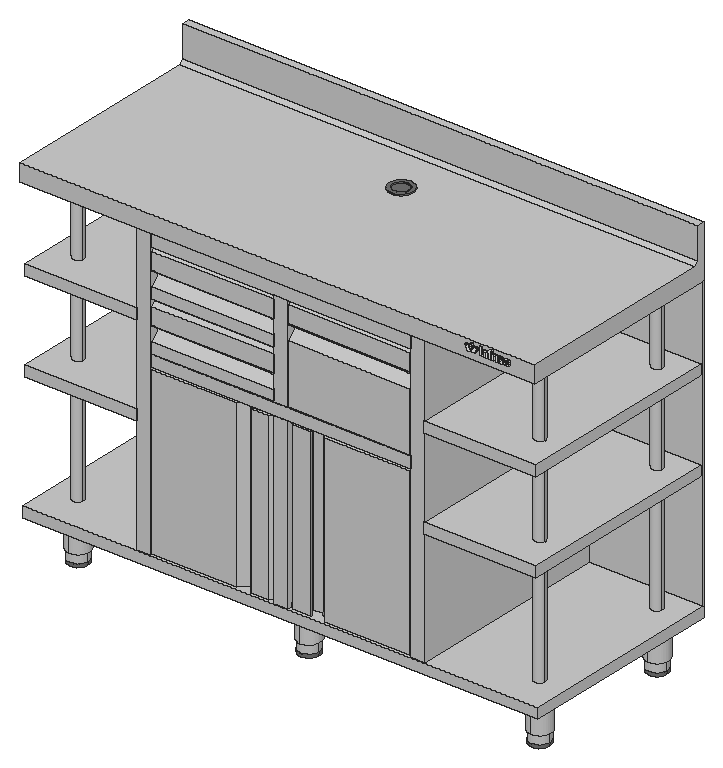
Revit family "QF_INFRICO_MCAF1500_250818093014", category Specialty Equipment, Revit 2021
Family settings
  Round Connector Dimension = Use Diameter
  Part Type = Normal
  OmniClass Number = 23.40.40.14
  OmniClass Title = Food Service Equipment
  Work Plane-Based = No
  Always vertical = Yes
  Cut with Voids When Loaded = No
  Shared = No
  Room Calculation Point = No
Parameters (values of type "MCAF1500")
  Weight [instance] = 85.00 kg
  Warranty Start Date [instance] = ""
  Warranty Duration [instance] = ""
  URL Recommended Spares List [instance] = ""
  URL Manufacturer [instance] = ""
  URL Cutsheet [instance] = ""
  URL Critical Spares List [instance] = ""
  URL = "www.infrico.com"
  Technical Documentation [instance] = ""
  Tag Number [instance] = ""
  Status [instance] = ""
  Specification by User [instance] = ""
  Specification by Manufacturer [instance] = ""
  Sound Level [instance] = ""
  Show Logo [instance] = yes
  Show Clearances [instance] = yes
  Service Life Duration [instance] = ""
  Serial Number [instance] = ""
  Seismic Rating [instance] = ""
  SMACNA No [instance] = ""
  Revision Code [instance] = ""
  Revision [instance] = ""
  Production Year [instance] = ""
  Point Load [instance] = 0
  Other Equipment Approvals [instance] = ""
  NAFEM Spec ID Number [instance] = ""
  Model Warning [instance] = ""
  Model = "MCAF1500"
  Masterspec [instance] = ""
  Manufacturer = "INFRICO"
  Length Actual [instance] = 1468 mm
  Item Number [instance] = ""
  Installed By [instance] = ""
  Installation Date [instance] = ""
  Identify Quantity as Lot [instance] = no
  ID [instance] = ""
  Hygiene Approval [instance] = ""
  Height Actual [instance] = 1050 mm
  Furnished By [instance] = ""
  Foodservice Equipment Identifier [instance] = no
  ETL Approved [instance] = no
  Description = "COFFEE UNIT - MCAF SERIES"
  Depth Actual [instance] = 600 mm
  Default Elevation = 0 mm
  Cost = 0
  CSI MasterFormat [instance] = ""
  CE Approved [instance] = no
  Barcode [instance] = 0
  Author [instance] = ""
  Asset Identifier [instance] = ""
  Accessory [instance] = no
Reference planes
  plane 1 "Center (Front/Back)": y = 0
  plane 2: z = 0
  plane 3 "Center (Left/Right)": x = 0
Dimensions and locks
  aligned and locked: level to plane 2
Nested families
  nested 1: "QF_INFRICO_MCAF1500_2920" at (0, 0, 0), type "MCAF1500"
    with Weight 85.00 kg, Warranty Start Date "", Warranty Duration "", URL Cutsheet "", Technical Documentation "", Tag Number "", Status "", Specification by User "", Specification by Manufacturer "", Sound Level "", Solid Fuel Type "", Show Logo yes, Show Clearances yes, Show Clearance yes, Service Life Duration "", Serial Number "", Seismic Rating "", SMACNA No "", Revision Code "", Revision "", Production Year "", Point Load 0, Other Equipment Approvals "", NAFEM Spec ID Number "", Model Warning "", Masterspec "", Length Actual 1468 mm, Item Number "", Installed By "", Installation Date "", Identify Quantity as Lot yes, ID "", Hygiene Approval "", Height Actual 1050 mm, Furnished By "", Foodservice Equipment Identifier yes, ETL Approved yes, Depth Actual 600 mm, CSI MasterFormat "", CE Approved no, Barcode "", Author "", Asset Identifier "", Accessory no
  nested 2: "QF_INFRICO_WORKTOP_MCAF_4042" at (0, 0, 990), type "ENC12CPMC15"
    with Weight 0.00 kg, Warranty Start Date "", Warranty Duration "", URL Cutsheet "", Technical Documentation "", Tag Number "", Status "", Specification by User "", Specification by Manufacturer "", Sound Level "", Solid Fuel Type "", Show Logo yes, Show Clearances yes, Show Clearance yes, Service Life Duration "", Serial Number "", Seismic Rating "", SMACNA No "", Revision Code "", Revision "", Production Year "", Point Load 0, Other Equipment Approvals "", NAFEM Spec ID Number "", Model Warning "", Masterspec "", Length Actual 1468 mm, Item Number "", Installed By "", Installation Date "", Identify Quantity as Lot yes, ID "", Hygiene Approval "", Height Actual 150 mm, Furnished By "", Foodservice Equipment Identifier yes, ETL Approved yes, Depth Actual 600 mm, CSI MasterFormat "", CE Approved no, Barcode "", Author "", Asset Identifier "", Accessory yes
Definition of nested family "QF_INFRICO_MCAF1500_2920"
  Parameters (values of type "MCAF1500")
    Weight [instance] = 0.00 kg
    Warranty Start Date [instance] = ""
    Warranty Duration [instance] = ""
    URL Cutsheet [instance] = ""
    URL = "www.infrico.com"
    Technical Documentation [instance] = ""
    Tag Number [instance] = ""
    Status [instance] = ""
    Specification by User [instance] = ""
    Specification by Manufacturer [instance] = ""
    Sound Level [instance] = ""
    Solid Fuel Type [instance] = ""
    Show Logo [instance] = yes
    Show Clearances [instance] = yes
    Show Clearance [instance] = yes
    Service Life Duration [instance] = ""
    Serial Number [instance] = ""
    Seismic Rating [instance] = ""
    SMACNA No [instance] = ""
    Revision Code [instance] = ""
    Revision [instance] = ""
    Production Year [instance] = ""
    Point Load [instance] = 0
    Other Equipment Approvals [instance] = ""
    NAFEM Spec ID Number [instance] = ""
    Model Warning [instance] = ""
    Model = "MCAF1500"
    Masterspec [instance] = ""
    Manufacturer = "INFRICO"
    Length Actual [instance] = 0 mm
    Item Number [instance] = ""
    Installed By [instance] = ""
    Installation Date [instance] = ""
    Identify Quantity as Lot [instance] = yes
    ID [instance] = ""
    Hygiene Approval [instance] = ""
    Height Actual [instance] = 0 mm
    Furnished By [instance] = ""
    Foodservice Equipment Identifier [instance] = yes
    ETL Approved [instance] = yes
    Description = "COFFEE UNIT - MCAF SERIES"
    Depth Actual [instance] = 0 mm
    Default Elevation = 0 mm
    CSI MasterFormat [instance] = ""
    CE Approved [instance] = yes
    Barcode [instance] = ""
    Author [instance] = ""
    Asset Identifier [instance] = ""
    Assembly Code = "E1090320"
    Accessory [instance] = yes
  Reference planes
    plane 1 "Back": y = 0
    plane 2: z = 0
    plane 3 "Left": x = 0
    plane 4 "Right": x = 1468
    plane 5 "Front": y = -600
    plane 6 "Top": z = 990
  Forms (mm)
    Extrusion 1, solid
      sketch origin (-1970.077, 406.333, 162.208) x (1, 0, 0) y (0, 1, 0)
        loop
          circle (2046.064, -477.342) r 15
      from -2.208 to 827.792
    Extrusion 2, solid
      sketch origin (-2000, 0, 130) x (0, 1, 0) y (0, 0, 1)
        loop
          line (0, 0) -> (0, 30) -> (-590.42, 30) -> (-590.42, 0) -> (0, 0)
      from 2000 to 3468
    Extrusion 3, solid
      sketch origin (-654.077, 406.333, 162.208) x (1, 0, 0) y (0, 1, 0)
        loop
          circle (2046.064, -477.342) r 15
      from -2.208 to 827.792
    Extrusion 4, solid
      sketch origin (-1970.077, -11.667, 162.208) x (1, 0, 0) y (0, 1, 0)
        loop
          circle (2046.064, -477.342) r 15
      from -2.208 to 827.792
    Extrusion 5, solid
      sketch origin (-654.077, -11.667, 162.208) x (1, 0, 0) y (0, 1, 0)
        loop
          circle (2046.064, -477.342) r 15
      from -2.208 to 827.792
    Extrusion 6, solid
      sketch origin (-2000.496, 0, 489.98) x (0, 1, 0) y (0, 0, 1)
        loop
          line (-1.18, 0) -> (-1.18, 30) -> (-590.42, 30) -> (-590.42, 0) -> (-1.18, 0)
      from 2005.497 to 2324.497
    Extrusion 7, solid
      sketch origin (-860.952, 0, 489.98) x (0, 1, 0) y (0, 0, 1)
        loop
          line (-1.18, 0) -> (-1.18, 30) -> (-590.42, 30) -> (-590.42, 0) -> (-1.18, 0)
      from 2004.977 to 2323.997
    Extrusion 8, solid
      sketch origin (-2000.496, 0, 747.98) x (0, 1, 0) y (0, 0, 1)
        loop
          line (-1.18, 0) -> (-1.18, 30) -> (-590.42, 30) -> (-590.42, 0) -> (-1.18, 0)
      from 2005.497 to 2324.497
    Extrusion 9, solid
      sketch origin (-860.952, 0, 747.98) x (0, 1, 0) y (0, 0, 1)
        loop
          line (-1.18, 0) -> (-1.18, 30) -> (-590.42, 30) -> (-590.42, 0) -> (-1.18, 0)
      from 2004.977 to 2323.997
    Extrusion 10, solid
      sketch origin (-4021.42, -1791.354, 306.976) x (0, 1, 0) y (0, 0, 1)
        loop
          line (1203.342, 629.226) -> (1203.342, 580.183)
          arc (1203.342, 580.183) -> (1205.032, 578.387) -> (1206.928, 579.964) r 1.8
          line (1206.928, 579.964) -> (1210.228, 606.836) -> (1214.91, 606.836) -> (1229.152, 592.594) -> (1229.152, 564.227) -> (1203.342, 538.417) -> (1203.342, 369.015) -> (1241.352, 369.015) -> (1241.352, 639.019) -> (1213.135, 639.019) -> (1203.342, 629.226)
      from 4776.423 to 5123.423
    Extrusion 11, solid
      sketch origin (-4409.82, -1791.354, 306.976) x (0, 1, 0) y (0, 0, 1)
        loop
          line (1203.342, 489.209) -> (1203.342, 440.167)
          arc (1203.342, 440.167) -> (1205.032, 438.37) -> (1206.928, 439.947) r 1.8
          line (1206.928, 439.947) -> (1210.228, 466.819) -> (1214.927, 466.819) -> (1229.152, 452.594) -> (1229.152, 424.21) -> (1203.342, 398.4) -> (1203.342, 369.015) -> (1241.352, 369.015) -> (1241.352, 499.019) -> (1213.152, 499.019) -> (1203.342, 489.209)
        loop
          line (1203.342, 629.226) -> (1203.342, 580.167)
          arc (1203.342, 580.167) -> (1205.032, 578.37) -> (1206.928, 579.947) r 1.8
          line (1206.928, 579.947) -> (1210.228, 606.819) -> (1214.927, 606.819) -> (1229.152, 592.594) -> (1229.152, 564.21) -> (1203.342, 538.4) -> (1203.342, 509.015) -> (1241.352, 509.015) -> (1241.352, 639.019) -> (1213.135, 639.019) -> (1203.342, 629.226)
      from 4775.843 to 5122.843
    Extrusion 12, solid
      sketch origin (0.5, 0.1, 129.6) x (1, 0, 0) y (0, 1, 0)
        loop
          line (713.523, -550.102) -> (713.523, -588.112) -> (753.503, -588.112) -> (753.503, -550.102) -> (741.503, -550.102) -> (741.503, -576.302) -> (725.523, -576.302) -> (725.523, -550.102) -> (713.523, -550.102)
      from 545.391 to 817.395
    Extrusion 13, solid
      sketch origin (0.5, 0.1, 129.6) x (1, 0, 0) y (0, 0, 1)
        loop
          line (363.501, 545.391) -> (363.501, 510.391) -> (1103.525, 510.391) -> (1103.525, 545.391) -> (363.501, 545.391)
      from 550.102 to 588.112
    Extrusion 14, solid
      sketch origin (0.5, 0.1, 436.604) x (1, 0, 0) y (0, 0, 1)
        loop
          line (363.501, 550.391) -> (363.501, 510.391) -> (1103.525, 510.391) -> (1103.525, 550.391) -> (363.501, 550.391)
      from 550.102 to 588.112
    Extrusion 15, solid
      sketch origin (324.001, 0, 130) x (0, 1, 0) y (0, 0, 1)
        loop
          line (-588.012, 30) -> (0, 30) -> (0, 860) -> (-588.012, 860) -> (-588.012, 30)
      from 0 to 40
    Extrusion 16, solid
      sketch origin (1104.025, 0, 130) x (0, 1, 0) y (0, 0, 1)
        loop
          line (-588.012, 30) -> (0, 30) -> (0, 860) -> (-588.012, 860) -> (-588.012, 30)
      from 0 to 40
    Extrusion 17, solid
      sketch origin (364.025, 0, 130) x (0, 1, 0) y (0, 0, 1)
        loop
          line (0, 30) -> (0, 130) -> (-2, 130) -> (-2, 30) -> (0, 30)
      from -0.024 to 740
    Extrusion 18, solid
      sketch origin (0, 0, 130) x (0, 1, 0) y (0, 0, 1)
        loop
          line (0, 30) -> (0, 860) -> (-2, 860) -> (-2, 30) -> (0, 30)
      from 0 to 324.001
    Extrusion 19, solid
      sketch origin (1144.499, 0, 130) x (0, 1, 0) y (0, 0, 1)
        loop
          line (0, 30) -> (0, 860) -> (-2, 860) -> (-2, 30) -> (0, 30)
      from -0.474 to 323.501
    Extrusion 20, solid
      sketch origin (0, 0, 129.6) x (0, 1, 0) y (0, 0, 1)
        loop
          line (-2, 545.391) -> (0, 545.391) -> (0, 860.4) -> (-2, 860.4) -> (-2, 545.391)
      from 364.001 to 1104.025
    Extrusion 21, solid
      sketch origin (-123.986, 92, 130) x (0, 1, 0) y (-1, 0, 0)
        loop
          line (-530, -154.986) -> (-630, -154.986) -> (-630, -244.986) -> (-530, -244.986) -> (-530, -154.986)
      from 0 to -3
    Extrusion 22, solid
      sketch origin (-123.986, 92, 0) x (1, 0, 0) y (0, 1, 0)
        loop
          circle (199.986, -580) r 28
      from 9 to 35
    Extrusion 23, solid
      sketch origin (-123.986, 92, 0) x (1, 0, 0) y (0, 1, 0)
        loop
          circle (199.986, -580) r 28.5
      from 0 to 9
    Sweep 24, solid
      path origin (-123.986, 92, 0) x (0, 1, 0) y (0, 0, 1)
        loop
          line (-580, 35) -> (-580, 127)
      profile origin (-123.986, -488, 81) x (0, -1, 0) y (1, 0, 0)
        loop
          circle (0, 199.986) r 32
    Extrusion 25, solid
      sketch origin (-123.986, 510, 130) x (0, 1, 0) y (-1, 0, 0)
        loop
          line (-530, -154.986) -> (-630, -154.986) -> (-630, -244.986) -> (-530, -244.986) -> (-530, -154.986)
      from 0 to -3
    Extrusion 26, solid
      sketch origin (-123.986, 510, 0) x (1, 0, 0) y (0, 1, 0)
        loop
          circle (199.986, -580) r 28
      from 9 to 35
    Extrusion 27, solid
      sketch origin (-123.986, 510, 0) x (1, 0, 0) y (0, 1, 0)
        loop
          circle (199.986, -580) r 28.5
      from 0 to 9
    Sweep 28, solid
      path origin (-123.986, 510, 0) x (0, 1, 0) y (0, 0, 1)
        loop
          line (-580, 35) -> (-580, 127)
      profile origin (-123.986, -70, 81) x (0, -1, 0) y (1, 0, 0)
        loop
          circle (0, 199.986) r 32
    Extrusion 29, solid
      sketch origin (1152.014, 92, 130) x (0, 1, 0) y (-1, 0, 0)
        loop
          line (-530, -194.986) -> (-630, -194.986) -> (-630, -284.986) -> (-530, -284.986) -> (-530, -194.986)
      from 0 to -3
    Extrusion 30, solid
      sketch origin (1152.014, 92, 0) x (1, 0, 0) y (0, 1, 0)
        loop
          circle (239.986, -580) r 28
      from 9 to 35
    Extrusion 31, solid
      sketch origin (1152.014, 92, 0) x (1, 0, 0) y (0, 1, 0)
        loop
          circle (239.986, -580) r 28.5
      from 0 to 9
    Sweep 32, solid
      path origin (1592.014, 92, 0) x (0, -1, 0) y (0, 0, 1)
        loop
          line (580, 35) -> (580, 127)
      profile origin (1592.014, -488, 81) x (0, 1, 0) y (-1, 0, 0)
        loop
          circle (0, 199.986) r 32
    Extrusion 33, solid
      sketch origin (1152.014, 510, 130) x (0, 1, 0) y (-1, 0, 0)
        loop
          line (-530, -194.986) -> (-630, -194.986) -> (-630, -284.986) -> (-530, -284.986) -> (-530, -194.986)
      from 0 to -3
    Extrusion 34, solid
      sketch origin (1152.014, 510, 0) x (1, 0, 0) y (0, 1, 0)
        loop
          circle (239.986, -580) r 28
      from 9 to 35
    Extrusion 35, solid
      sketch origin (1152.014, 510, 0) x (1, 0, 0) y (0, 1, 0)
        loop
          circle (239.986, -580) r 28.5
      from 0 to 9
    Sweep 36, solid
      path origin (1592.014, 10, 0) x (0, -1, 0) y (0, 0, 1)
        loop
          line (80, 35) -> (80, 127)
      profile origin (1592.014, -70, 81) x (0, 1, 0) y (-1, 0, 0)
        loop
          circle (0, 199.986) r 32
    Extrusion 37, solid
      sketch origin (534.028, 92, 130) x (0, 1, 0) y (-1, 0, 0)
        loop
          line (-530, -154.986) -> (-630, -154.986) -> (-630, -244.986) -> (-530, -244.986) -> (-530, -154.986)
      from 0 to -3
    Extrusion 38, solid
      sketch origin (534.028, 92, 0) x (1, 0, 0) y (0, 1, 0)
        loop
          circle (199.986, -580) r 28
      from 9 to 35
    Extrusion 39, solid
      sketch origin (534.028, 92, 0) x (1, 0, 0) y (0, 1, 0)
        loop
          circle (199.986, -580) r 28.5
      from 0 to 9
    Sweep 40, solid
      path origin (534.028, 92, 0) x (0, 1, 0) y (0, 0, 1)
        loop
          line (-580, 35) -> (-580, 127)
      profile origin (534.028, -488, 81) x (0, -1, 0) y (1, 0, 0)
        loop
          circle (0, 199.986) r 32
    Extrusion 41, solid
      sketch origin (534.028, 510, 130) x (0, 1, 0) y (-1, 0, 0)
        loop
          line (-530, -154.986) -> (-630, -154.986) -> (-630, -244.986) -> (-530, -244.986) -> (-530, -154.986)
      from 0 to -3
    Extrusion 42, solid
      sketch origin (534.028, 510, 0) x (1, 0, 0) y (0, 1, 0)
        loop
          circle (199.986, -580) r 28
      from 9 to 35
    Extrusion 43, solid
      sketch origin (534.028, 510, 0) x (1, 0, 0) y (0, 1, 0)
        loop
          circle (199.986, -580) r 28.5
      from 0 to 9
    Sweep 44, solid
      path origin (534.028, 510, 0) x (0, 1, 0) y (0, 0, 1)
        loop
          line (-580, 35) -> (-580, 127)
      profile origin (534.028, -70, 81) x (0, -1, 0) y (1, 0, 0)
        loop
          circle (0, 199.986) r 32
    Extrusion 45, solid
      sketch origin (0.5, 0.1, -177.004) x (1, 0, 0) y (0, 1, 0)
        loop
          line (713.523, -550.102) -> (713.523, -588.112) -> (753.503, -588.112) -> (753.503, -550.102) -> (741.503, -550.102) -> (741.503, -576.302) -> (725.523, -576.302) -> (725.523, -550.102) -> (713.523, -550.102)
      from 337.004 to 816.995
    Extrusion 46, solid
      sketch origin (-2000, -1999.892, 129.3) x (1, 0, 0) y (0, 1, 0)
        loop
          line (2649.583, 1411.88) -> (2700.005, 1411.88) -> (2710.015, 1421.89) -> (2710.015, 1449.89) -> (2367.015, 1449.89) -> (2367.015, 1411.88) -> (2608.712, 1411.88) -> (2634.927, 1438.094) -> (2663.311, 1438.094) -> (2677.536, 1423.869) -> (2677.536, 1419.171) -> (2649.117, 1415.681)
          arc (2649.117, 1415.681) -> (2647.668, 1413.574) -> (2649.583, 1411.88) r 1.929
      from 35.663 to 505.683
    Extrusion 47, solid
      sketch origin (3468.026, -1999.892, 129.3) x (-1, 0, 0) y (0, -1, 0)
        loop
          arc (2649.583, -1411.88) -> (2647.668, -1413.574) -> (2649.117, -1415.681) r 1.929
          line (2649.117, -1415.681) -> (2677.536, -1419.171) -> (2677.536, -1423.869) -> (2663.311, -1438.094) -> (2634.927, -1438.094) -> (2608.712, -1411.88) -> (2367.015, -1411.88) -> (2367.015, -1449.89) -> (2710.015, -1449.89) -> (2710.015, -1421.89) -> (2700.005, -1411.88) -> (2649.583, -1411.88)
      from 35.663 to 505.683
    Extrusion 48, solid, detail levels coarse
      sketch origin (0, 0.1, -0.7) x (1, 0, 0) y (0, 1, 0)
        loop
          line (367.015, -588.112) -> (367.015, -893.112) -> (405.015, -893.112)
          arc (405.015, -893.112) -> (620.683, -803.78) -> (710.015, -588.112) r 305
          line (710.015, -588.112) -> (367.015, -588.112)
      from 165.663 to 635.683
    Extrusion 49, solid, detail levels coarse
      sketch origin (1468.026, 0.1, -0.7) x (-1, 0, 0) y (0, -1, 0)
        loop
          line (367.015, 588.112) -> (710.015, 588.112)
          arc (710.015, 588.112) -> (620.683, 803.78) -> (405.015, 893.112) r 305
          line (405.015, 893.112) -> (367.015, 893.112) -> (367.015, 588.112)
      from 165.663 to 635.683
  Lines and regions (mm)
    symbolic lines
      curve 1: line (0, 0, 0) -> (0, -600, 0)
      curve 2: line (0, -600, 0) -> (1468, -600, 0)
      curve 3: line (1468, -600, 0) -> (1468, 0, 0)
      curve 4: line (1468, 0, 0) -> (0, 0, 0)
      curve 5: line (367.015, -600, 0) -> (367.015, -893.012, 0)
      curve 6: arc (405.015, -893.012, 0) -> (616.402, -807.877, 0) -> (709.78, -600, 0) r 305
      curve 7: line (367.015, -893.012, 0) -> (405.015, -893.012, 0)
      curve 8: line (1063.011, -893.012, 0) -> (1101.011, -893.012, 0)
      curve 9: arc (758.246, -600, 0) -> (851.624, -807.877, 0) -> (1063.011, -893.012, 0) r 305
      curve 10: line (1101.011, -893.012, 0) -> (1101.011, -600, 0)
  Dimensions and locks
    plane 3 "Left" to plane 4 "Right" = 1468 mm
    plane 1 "Back" to plane 5 "Front" = 600 mm  (x2)
    plane 4 "Right" to plane 3 "Left" = 1468 mm
    plane 6 "Top" to level = 990 mm  (x2)
    aligned and locked: level to plane 2
Definition of nested family "QF_INFRICO_WORKTOP_MCAF_4042"
  Parameters (values of type "ENC12CPMC25")
    Weight [instance] = 0.00 kg
    Warranty Start Date [instance] = ""
    Warranty Duration [instance] = ""
    URL Cutsheet [instance] = ""
    URL = "www.infrico.com"
    Technical Documentation [instance] = ""
    Tag Number [instance] = ""
    Status [instance] = ""
    Specification by User [instance] = ""
    Specification by Manufacturer [instance] = ""
    Sound Level [instance] = ""
    Solid Fuel Type [instance] = ""
    Show Logo [instance] = yes
    Show Clearances [instance] = yes
    Show Clearance [instance] = yes
    Service Life Duration [instance] = ""
    Serial Number [instance] = ""
    Seismic Rating [instance] = ""
    SMACNA No [instance] = ""
    Revision Code [instance] = ""
    Revision [instance] = ""
    Production Year [instance] = ""
    Point Load [instance] = 0
    Other Equipment Approvals [instance] = ""
    NAFEM Spec ID Number [instance] = ""
    Model Warning [instance] = ""
    Model = "ENC12CPMC25"
    Masterspec [instance] = ""
    Manufacturer = "INFRICO"
    Length Actual [instance] = 0 mm
    Length = 2452 mm
    Item Number [instance] = ""
    Installed By [instance] = ""
    Installation Date [instance] = ""
    Identify Quantity as Lot [instance] = yes
    ID [instance] = ""
    Hygiene Approval [instance] = ""
    Height Actual [instance] = 0 mm
    Furnished By [instance] = ""
    Foodservice Equipment Identifier [instance] = yes
    ETL Approved [instance] = yes
    Description = "WORKTOP WITH BACKSPLASH"
    Depth Actual [instance] = 0 mm
    Depth = 600 mm
    Default Elevation = 0 mm
    CSI MasterFormat [instance] = ""
    CE Approved [instance] = yes
    Barcode [instance] = ""
    Author [instance] = ""
    Asset Identifier [instance] = ""
    Assembly Code = "E1090320"
    Accessory [instance] = yes
  Types (5, lengths in mm): name | Model | Length
    ENC12CPMC8 | "ENC12CPMC8" | 820
    ENC12CPMC10 | "ENC12CPMC10" | 1000
    ENC12CPMC15 | "ENC12CPMC15" | 1468
    ENC12CPMC20 | "ENC12CPMC20" | 1960
    ENC12CPMC25 | "ENC12CPMC25" | 2452
  Reference planes
    plane 1 "Back": y = 0
    plane 2: z = 0
    plane 3 "Left": x = 0
    plane 4 "Right": x = 2452
    plane 5 "Front": y = -600
    plane 6 "Top": z = 150
    plane 7 "Center": x = 1226
    plane 8: z = 50
  Forms (mm)
    Extrusion 1, solid
      sketch origin (0, 0, 0) x (0, 1, 0) y (0, 0, 1)
        loop
          line (0, 0) -> (0, 150) -> (-20, 150) -> (-20, 60) -> (-30, 50) -> (-600, 50) -> (-600, 0) -> (0, 0)
      from 0 to 2452
    Extrusion 2, solid
      sketch origin (0, 0, 50) x (1, 0, 0) y (0, 1, 0)
        loop
          circle (1226, -160) r 34
        loop
          circle (1226, -160) r 23
      from 0 to 2
    Extrusion 3, solid
      sketch origin (0, 0, 48.5) x (1, 0, 0) y (0, 1, 0)
        loop
          circle (1226, -160) r 23
      from 0 to 2
  Lines and regions (mm)
    symbolic lines
      curve 1: line (2452, 0, 0) -> (0, 0, 0)
      curve 2: line (0, 0, 0) -> (0, -600, 0)
      curve 3: line (0, -600, 0) -> (2452, -600, 0)
      curve 4: line (2452, -600, 0) -> (2452, 0, 0)
      curve 5: line (0, -20, 0) -> (2452, -20, 0)
      curve 6: circle (1226, -160, 0) r 34 normal (0, 0, 1)
      curve 7: circle (1226, -160, 0) r 23 normal (0, 0, -1)
  Dimensions and locks
    plane 6 "Top" to level = 150 mm
    plane 1 "Back" to plane 5 "Front" = 600 mm
    equal spacing: plane 3 "Left", plane 7 "Center", plane 4 "Right"
    "Length": plane 3 "Left" to plane 4 "Right"
    "Depth": plane 5 "Front" to plane 1 "Back"
    locked: plane 8 to plane 2 at 50
    locked: nested 1 to plane 4 "Right" at 143.718
    aligned and locked: level to plane 2
    aligned and locked: Extrusion 1 to plane 4 "Right"
    aligned and locked: nested 1 to plane 2
    aligned and locked: nested 1 to plane 5 "Front"
  Automatic sketch dimensions
    curve 6 to curve 7 = 0 mm  (x2)
    plane 1 "Back" to curve 1 = 0 mm
    curve 1 to plane 3 "Left" = 0 mm
    curve 6 to plane 7 "Center" = 0 mm
    curve 4 to plane 4 "Right" = 0 mm
    curve 3 to plane 5 "Front" = 0 mm
    plane 1 "Back" to curve 7 = 160 mm
    plane 1 "Back" to curve 5 = 20 mm
    Extrusion 1 sketch curve to level = 0 mm
    Extrusion 1 sketch curve to plane 5 "Front" = 0 mm
    Extrusion 1 sketch curve to plane 6 "Top" = 0 mm
    Extrusion 1 sketch curve to plane 1 "Back" = 0 mm
    plane 1 "Back" to Extrusion 1 sketch curve = 30 mm
    Extrusion 1 sketch curve to Extrusion 1 sketch curve = 10 mm  (x2)
    level to Extrusion 1 sketch curve = 50 mm
    Extrusion 2 sketch curve to Extrusion 2 sketch curve = 0 mm  (x2)
    Extrusion 2 sketch curve to plane 7 "Center" = 0 mm
    plane 1 "Back" to Extrusion 2 sketch curve = 160 mm
    Extrusion 3 sketch curve to plane 7 "Center" = 0 mm
    plane 1 "Back" to Extrusion 3 sketch curve = 160 mm
    radius of curve 6 = 34 mm
    radius of curve 7 = 23 mm
    radius of Extrusion 2 sketch curve = 34 mm
    radius of Extrusion 2 sketch curve = 23 mm
    radius of Extrusion 3 sketch curve = 23 mm
  Nested families
    nested 1: "Infrico_Logo" at (2308.282, -600, 0), type "Infrico_Logo"
      with Show Logo yes
  Definition of nested family "Infrico_Logo"
    Parameters
      Show Logo [instance] = yes
      Default Elevation = 0 mm
    Reference planes
      plane 1 "Center (Front/Back)": y = 0
      plane 2: z = 0
      plane 3 "Center (Left/Right)": x = 0
    Forms (mm)
      Extrusion 1, solid, visible <- "Show Logo"
        sketch origin (0, 0, 0) x (1, 0, 0) y (0, 0, 1)
          loop
            line (-7.673, 19.987) -> (-7.673, 42.661) -> (-12.299, 42.661) -> (-12.299, 19.987) -> (-7.673, 19.987)
          loop
            line (-1.693, 36.463) -> (-5.189, 36.463) -> (-5.189, 19.987) -> (-0.7, 19.987) -> (-0.7, 31.289)
            arc (-0.7, 31.289) -> (1.056, 32.199) -> (2.945, 32.781) r 11.052
            arc (2.945, 32.781) -> (4.457, 32.418) -> (5.126, 31.015) r 1.806
            line (5.126, 31.015) -> (5.126, 19.987) -> (9.649, 19.987) -> (9.649, 32.146)
            arc (9.649, 32.146) -> (8.165, 35.533) -> (4.669, 36.738) r 4.607
            arc (4.669, 36.738) -> (1.81, 36.131) -> (-0.803, 34.819) r 11.435
            line (-0.803, 34.819) -> (-0.871, 35.641)
            arc (-0.871, 35.641) -> (-1.112, 36.223) -> (-1.693, 36.463) r 0.822
          loop
            line (22.085, 43.56) -> (20.834, 43.56)
            arc (20.834, 43.56) -> (18.58, 43.383) -> (16.409, 42.754) r 11.103
            arc (16.409, 42.754) -> (14.333, 41.074) -> (13.552, 38.519) r 4.567
            line (13.552, 38.519) -> (13.552, 36.366) -> (10.879, 36.16) -> (10.879, 32.831) -> (13.552, 32.831) -> (13.552, 19.987) -> (18.076, 19.987) -> (18.076, 32.831) -> (21.777, 32.831) -> (21.777, 36.395) -> (18.076, 36.395) -> (18.076, 38.005)
            arc (18.076, 38.005) -> (18.484, 39.163) -> (19.573, 39.728) r 1.67
            line (19.573, 39.728) -> (21.228, 39.856)
            arc (21.228, 39.856) -> (21.834, 40.107) -> (22.085, 40.713) r 0.857
            line (22.085, 40.713) -> (22.085, 43.56)
          loop
            line (23.007, 36.463) -> (23.007, 19.987) -> (27.496, 19.987) -> (27.496, 30.809)
            arc (27.496, 30.809) -> (29.401, 32.088) -> (31.605, 32.725) r 7.435
            line (31.605, 32.725) -> (32.769, 32.873)
            arc (32.769, 32.873) -> (33.171, 33.216) -> (33.321, 33.722) r 0.928
            line (33.321, 33.722) -> (33.321, 35.915)
            arc (33.321, 35.915) -> (33.059, 36.518) -> (32.44, 36.737) r 0.824
            arc (32.44, 36.737) -> (29.725, 36.045) -> (27.427, 34.442) r 7.833
            line (27.427, 34.442) -> (27.254, 36.463) -> (23.007, 36.463)
          loop
            line (39.023, 19.987) -> (39.023, 36.463) -> (34.534, 36.463) -> (34.534, 19.987) -> (39.023, 19.987)
          loop
            arc (40.949, 24.784) -> (42.095, 21.645) -> (44.994, 19.982) r 4.873
            arc (44.994, 19.982) -> (48.021, 19.723) -> (51.049, 19.982) r 17.816
            arc (51.049, 19.982) -> (54.103, 22.591) -> (55.033, 26.498) r 6.481
            line (55.033, 26.498) -> (50.715, 26.498) -> (50.715, 25.127)
            arc (50.715, 25.127) -> (50.168, 23.91) -> (48.97, 23.322) r 1.965
            arc (48.97, 23.322) -> (48.076, 23.273) -> (47.181, 23.322) r 8.196
            arc (47.181, 23.322) -> (45.945, 23.873) -> (45.438, 25.127) r 1.806
            line (45.438, 25.127) -> (45.438, 31.358)
            arc (45.438, 31.358) -> (45.945, 32.612) -> (47.181, 33.163) r 1.806
            arc (47.181, 33.163) -> (48.076, 33.212) -> (48.97, 33.163) r 8.196
            arc (48.97, 33.163) -> (50.168, 32.575) -> (50.715, 31.358) r 1.965
            line (50.715, 31.358) -> (50.715, 30.295) -> (55.033, 30.295)
            arc (55.033, 30.295) -> (54.052, 34.014) -> (51.049, 36.416) r 6.132
            arc (51.049, 36.416) -> (48.021, 36.751) -> (44.994, 36.416) r 13.851
            arc (44.994, 36.416) -> (42.099, 34.807) -> (40.949, 31.7) r 4.772
            line (40.949, 31.7) -> (40.949, 24.784)
          loop
            arc (56.444, 24.787) -> (57.521, 21.802) -> (60.254, 20.191) r 4.676
            arc (60.254, 20.191) -> (62.043, 19.913) -> (63.846, 19.748) r 28.371
            arc (63.846, 19.748) -> (65.65, 19.913) -> (67.439, 20.191) r 28.371
            arc (67.439, 20.191) -> (70.172, 21.802) -> (71.248, 24.787) r 4.676
            line (71.248, 24.787) -> (71.248, 31.699)
            arc (71.248, 31.699) -> (70.172, 34.684) -> (67.439, 36.295) r 4.676
            arc (67.439, 36.295) -> (65.65, 36.573) -> (63.846, 36.738) r 28.371
            arc (63.846, 36.738) -> (62.043, 36.573) -> (60.254, 36.295) r 28.371
            arc (60.254, 36.295) -> (57.521, 34.684) -> (56.444, 31.699) r 4.676
            line (56.444, 31.699) -> (56.444, 24.787)
          loop
            line (60.933, 31.323) -> (60.933, 25.162)
            arc (60.933, 25.162) -> (61.372, 24.014) -> (62.464, 23.449) r 1.725
            arc (62.464, 23.449) -> (63.155, 23.376) -> (63.846, 23.313) r 46.133
            arc (63.846, 23.313) -> (64.538, 23.376) -> (65.229, 23.449) r 46.133
            arc (65.229, 23.449) -> (66.321, 24.014) -> (66.759, 25.162) r 1.725
            line (66.759, 25.162) -> (66.759, 31.323)
            arc (66.759, 31.323) -> (66.321, 32.472) -> (65.229, 33.037) r 1.725
            arc (65.229, 33.037) -> (64.538, 33.11) -> (63.846, 33.173) r 46.133
            arc (63.846, 33.173) -> (63.155, 33.11) -> (62.464, 33.037) r 46.133
            arc (62.464, 33.037) -> (61.372, 32.472) -> (60.933, 31.323) r 1.725
          loop
            arc (-26.133, 20) -> (-25.061, 20.444) -> (-24.616, 21.516) r 1.516
            line (-24.616, 21.516) -> (-24.616, 27.349) -> (-20.437, 27.349)
            arc (-20.437, 27.349) -> (-19.682, 27.578) -> (-19.254, 28.24) r 1.147
            line (-19.254, 28.24) -> (-19.254, 29.669)
            arc (-19.254, 29.669) -> (-19.685, 30.716) -> (-20.753, 31.091) r 1.385
            line (-20.753, 31.091) -> (-21.952, 31.091) -> (-19.254, 33.789)
            arc (-19.254, 33.789) -> (-18.867, 34.723) -> (-19.254, 35.657) r 1.321
            line (-19.254, 35.657) -> (-19.977, 36.38)
            arc (-19.977, 36.38) -> (-20.932, 36.796) -> (-21.914, 36.449) r 1.422
            line (-21.914, 36.449) -> (-24.619, 33.744) -> (-24.619, 34.937)
            arc (-24.619, 34.937) -> (-25.029, 35.973) -> (-26.037, 36.449) r 1.516
            line (-26.037, 36.449) -> (-26.958, 36.449)
            arc (-26.958, 36.449) -> (-27.961, 35.971) -> (-28.369, 34.937) r 1.516
            line (-28.369, 34.937) -> (-28.369, 30.287) -> (-34.399, 24.793) -> (-34.399, 30.966) -> (-30.833, 34.532)
            arc (-30.833, 34.532) -> (-30.419, 35.53) -> (-30.833, 36.529) r 1.412
            line (-30.833, 36.529) -> (-31.485, 37.181)
            arc (-31.485, 37.181) -> (-32.533, 37.598) -> (-33.557, 37.124) r 1.428
            line (-33.557, 37.124) -> (-34.399, 36.283) -> (-34.399, 41.241)
            arc (-34.399, 41.241) -> (-34.814, 42.244) -> (-35.817, 42.66) r 1.418
            line (-35.817, 42.66) -> (-36.746, 42.66)
            arc (-36.746, 42.66) -> (-37.749, 42.244) -> (-38.164, 41.241) r 1.418
            line (-38.164, 41.241) -> (-38.164, 36.283) -> (-39.006, 37.124)
            arc (-39.006, 37.124) -> (-40.03, 37.598) -> (-41.078, 37.181) r 1.428
            line (-41.078, 37.181) -> (-41.73, 36.529)
            arc (-41.73, 36.529) -> (-42.144, 35.53) -> (-41.73, 34.532) r 1.412
            line (-41.73, 34.532) -> (-38.164, 30.966) -> (-38.164, 24.793) -> (-44.194, 30.287) -> (-44.194, 34.937)
            arc (-44.194, 34.937) -> (-44.602, 35.971) -> (-45.605, 36.449) r 1.516
            line (-45.605, 36.449) -> (-46.526, 36.449)
            arc (-46.526, 36.449) -> (-47.534, 35.973) -> (-47.944, 34.937) r 1.516
            line (-47.944, 34.937) -> (-47.944, 33.744) -> (-50.649, 36.449)
            arc (-50.649, 36.449) -> (-51.631, 36.796) -> (-52.586, 36.38) r 1.422
            line (-52.586, 36.38) -> (-53.309, 35.657)
            arc (-53.309, 35.657) -> (-53.696, 34.723) -> (-53.309, 33.789) r 1.321
            line (-53.309, 33.789) -> (-50.611, 31.091) -> (-51.81, 31.091)
            arc (-51.81, 31.091) -> (-52.878, 30.716) -> (-53.309, 29.669) r 1.385
            line (-53.309, 29.669) -> (-53.309, 28.24)
            arc (-53.309, 28.24) -> (-52.881, 27.578) -> (-52.126, 27.349) r 1.147
            line (-52.126, 27.349) -> (-47.947, 27.349) -> (-47.947, 21.516)
            arc (-47.947, 21.516) -> (-47.502, 20.444) -> (-46.43, 20) r 1.516
            line (-46.43, 20) -> (-26.133, 20)
        from 0 to 2
    Dimensions and locks
      aligned and locked: level to plane 2
